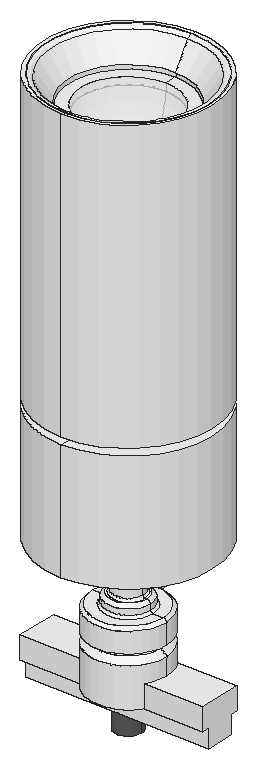
Revit family "Zaniboni-Gala-2_Inch_Adj_Track-1", category Lighting Fixtures, host Face, Revit 2016
Family settings
  Host = Face
  Part Type = Normal
  Round Connector Dimension = Use Diameter
  Cut with Voids When Loaded = No
  Light Source = Yes
  Shared = No
  Room Calculation Point = No
Parameters (values of type "K2-GALA2-0927A-2C-WS")
  Wattage Comments = "7W"
  Wattage = 9.2903 W
  built-in parameter 1150110 = 1 (stored number, unit not read)
  Voltage = 120 V
  URL = "www.zanibonilighting.com"
  Type Comments = "Gala"  # constant formula
  built-in parameter 1114217 = 1 (stored number, unit not read)
  Tilt Angle = 90.00°
  built-in parameter 1150109 = 1 (stored number, unit not read)
  built-in parameter 1150134 = 3
  built-in parameter 1150113 = 1 (stored number, unit not read)
  Support Finish = ZBN - Metal Matte White
  Screen Finish = ZBN - Glass
  Photometric Web File = "generic"
  built-in parameter 1150142 = (empty or 0)
  Model = "K2-GALA2-0927A-2C-WS"
  Mechanism Finish = ZBN - Plastic-Black
  Manufacturer = "Zaniboni"  # constant formula
  built-in parameter 1150105 = 109.82 (stored number, unit not read)
  Lumens = 1380 lm
  built-in parameter 1150115 = 1 (stored number, unit not read)
  built-in parameter 1150137 = (empty or 0)
  built-in parameter 1150139 = (empty or 0)
  built-in parameter 1150112 = 1 (stored number, unit not read)
  built-in parameter 1150114 = 1 (stored number, unit not read)
  Keynote = "12500"
  Kelvin = "2700K"
  built-in parameter 1150132 = (empty or 0)
  built-in parameter 1150102 = (empty or 0)
  built-in parameter 1150107 = 3200 (stored number, unit not read)
  built-in parameter 1150138 = (empty or 0)
  built-in parameter 1150106 = 1.0982 (stored number, unit not read)
  Frame Finish = ZBN - Metal Matte White
  Emit from Circle Diameter = 2"
  Emit Shape Visible in Rendering = no
  built-in parameter 1150104 = 13.8 (stored number, unit not read)
  Dimming Lamp Color Temperature Shift = <None>
  Diameter = 3"
  Description = "2 inch Round Adjustable 20° Surface Mounted"
  Default Elevation = 48"
  Color Filter = 16777215
  CRI = "80"
  Body Finish = ZBN - Metal Matte White
  Beam = "24°"
  built-in parameter 1114218 = 1 (stored number, unit not read)
  built-in parameter 1150133 = 10 (stored number, unit not read)
  Assembly Code = "E1020300"
Reference planes (in)
  plane 1 "Center (Front/Back)": y = 0
  plane 2: z = 0
  plane 3 "Center (Left/Right)": x = 0
  plane 4: x = -1.5
  plane 5: x = 1.5
Forms (in)
  Extrusion 1, solid, material "ZBN - Metal Matte White" <- "Frame Finish"
    sketch origin (0, 0, 0) x (0, 1, 0) y (0, 0, 1)
      loop
        line (-0.2375, 0) -> (0.2375, 0) -> (0.2375, 0.328) -> (0.375, 0.328) -> (0.375, 0.725) -> (-0.375, 0.725) -> (-0.375, 0.328) -> (-0.2375, 0.328) -> (-0.2375, 0)
    from -1.63449 to 1.63449
  Revolve 2, solid, material "ZBN - Metal Matte White" <- "Body Finish"
    sketch origin (0, 0, 0) x (0, 1, 0) y (0, 0, 1)
      loop
        line (0, 6.57513) -> (-0.99039, 6.57513) -> (-0.99039, 8.88763) -> (-1.43592, 8.88763) -> (-1.43592, 10.13763) -> (-1.5, 10.13763) -> (-1.5, 4.96763) -> (-1.13914, 4.96763) -> (-1.13914, 4.84263) -> (-1.5, 4.84263) -> (-1.5, 2.71625) -> (0, 2.71625) -> (0, 6.57513)
      axis (0, 2.71625) -> (0, 10.13763)
    angle from 0 to 360
  Revolve 3, solid, material "ZBN - Metal Matte White" <- "Frame Finish"
    sketch origin (0, 0, 0) x (0, 1, 0) y (0, 0, 1)
      loop
        arc (-1.33897, 10.09282) -> (-1.3814, 10.1283) -> (-1.43592, 10.13763) r 0.10617
        line (-1.43592, 10.13763) -> (-1.43592, 8.22647) -> (-1.05246, 8.22647) -> (-1.05246, 9.68365) -> (-1.33897, 10.09282)
      axis (0, 10.13763) -> (0, 8.22647)
    angle from 0 to 360
  Revolve 4, solid, material "ZBN - Metal Matte White" <- "Frame Finish"
    sketch origin (0, 0, 0) x (0, 1, 0) y (0, 0, 1)
      loop
        line (-0.82939, 9.61602) -> (-1.03788, 9.61602) -> (-1.03788, 9.48013) -> (-0.89883, 9.48013)
        arc (-0.89883, 9.48013) -> (-0.71927, 8.88131) -> (-0.26614, 8.45062) r 1.21712
        line (-0.26614, 8.45062) -> (0, 8.45062) -> (0, 8.50082) -> (-0.26932, 8.50082)
        arc (-0.26932, 8.50082) -> (-0.67653, 8.91774) -> (-0.82939, 9.48013) r 1.15918
        line (-0.82939, 9.48013) -> (-0.82939, 9.61602)
      axis (0, 9.61602) -> (0, 8.45062)
    angle from 0 to 360
  Extrusion 5, solid, material "ZBN - Glass" <- "Screen Finish"
    sketch origin (0, 0, 0) x (1, 0, 0) y (0, 1, 0)
      loop
        circle (0, 0) r 0.82939
    from 9.48013 to 9.61602
  Extrusion 6, solid, material "ZBN - Metal Matte White" <- "Body Finish"
    sketch origin (0, 0, 0) x (1, 0, 0) y (0, 1, 0)
      loop
        line (0.79377, 0.25) -> (-0.44604, 0.25) -> (-0.44604, -0.25) -> (0.79377, -0.25) -> (0.79377, 0.25)
    from 2.26691 to 2.71625
  Revolve 7, solid, material "ZBN - Metal Matte White" <- "Body Finish"
    sketch origin (0, 0, 0) x (1, 0, 0) y (0, 0, 1)
      loop
        line (0, 2.26691) -> (0, 0.328) -> (0.68431, 0.328) -> (0.68431, 1.02508) -> (0.58189, 1.1275) -> (0.43431, 1.1275) -> (0.43431, 1.213) -> (0.68431, 1.213) -> (0.68431, 1.5785) -> (0.62744, 1.63537) -> (0.43431, 1.63537)
        arc (0.43431, 1.63537) -> (0.40574, 1.6472) -> (0.39391, 1.67577) r 0.0404
        line (0.39391, 1.67577) -> (0.39391, 1.77132) -> (0.33301, 1.83222) -> (0.29642, 1.83222)
        arc (0.29642, 1.83222) -> (0.27139, 1.84437) -> (0.26544, 1.87155) r 0.03186
        line (0.26544, 1.87155) -> (0.26544, 2.22341)
        arc (0.26544, 2.22341) -> (0.27654, 2.25254) -> (0.3042, 2.26691) r 0.04379
        line (0.3042, 2.26691) -> (0, 2.26691)
      axis (0, 2.26691) -> (0, 0.328)
    angle from 0 to 360
  Extrusion 8, void
    sketch origin (0, 0, 0) x (0, 1, 0) y (0, 0, 1)
      loop
        line (0.375, 0.225) -> (0.375, 0.725) -> (-0.375, 0.725) -> (-0.375, 0.225) -> (0.375, 0.225)
    from -0.86378 to 0.8182
  Revolve 9, solid, material "ZBN - Plastic-Black" <- "Mechanism Finish"
    sketch origin (0, 0, 0) x (0, 1, 0) y (0, 0, 1)
      loop
        line (0, 6.96243) -> (0, 8.22647) -> (-0.96067, 8.22647) -> (-0.96067, 7.21243)
        arc (-0.96067, 7.21243) -> (-0.88745, 7.03565) -> (-0.71067, 6.96243) r 0.25
        line (-0.71067, 6.96243) -> (0, 6.96243)
      axis (0, 8.22647) -> (0, 6.96243)
    angle from 0 to 360
  Extrusion 10, solid, material "ZBN - Plastic-Black" <- "Mechanism Finish"
    sketch origin (0, 0, 0) x (1, 0, 0) y (0, 1, 0)
      loop
        circle (0, 0) r 0.2375
    from -0.35073 to 0
  Extrusion 11, void
    sketch origin (0, 0, 0) x (1, 0, 0) y (0, 1, 0)
      loop
        circle (0, 0) r 0.30579
    from 0.18723 to -12.93971
Cuts and joins
  Extrusion 8 cuts Revolve 7
Lines and regions (in)
  symbolic lines
    curve 1: circle (0, 0, 0) r 1.5 normal (0, 0, 1)
    curve 2: circle (0, 0, 0) r 1.43592 normal (0, 0, 1)
    curve 3: circle (0, 0, 0) r 1.13914 normal (0, 0, 1)
Dimensions and locks (in)
  equal spacing: plane 4, plane 3 "Center (Left/Right)", plane 5
  "Diameter": plane 4 to plane 5
  aligned and locked: plane 2 to host face
  aligned and locked: level to host face
  aligned and locked: level to Extrusion 10
Automatic sketch dimensions
  curve 1 to curve 2 = 0"  (x2)
  curve 1 to curve 3 = 0"  (x2)
  curve 2 to curve 3 = 0"  (x2)
  plane 1 "Center (Front/Back)" to curve 2 = 0"
  plane 3 "Center (Left/Right)" to curve 2 = 0"
  host sketch curve to host sketch curve = 96"  (x2)
  Extrusion 1 sketch curve to level = 0"
  plane 1 "Center (Front/Back)" to Extrusion 1 sketch curve = 3/8"
  Extrusion 1 sketch curve to Extrusion 1 sketch curve = 0.1375"  (x2)
  Extrusion 1 sketch curve to plane 1 "Center (Front/Back)" = 0.2375"
  Extrusion 1 sketch curve to Extrusion 1 sketch curve = 0.328"
  level to Extrusion 1 sketch curve = 0.328"
  Extrusion 1 sketch curve to Extrusion 1 sketch curve = 0.397"
  Revolve 2 sketch curve to plane 1 "Center (Front/Back)" = 0"  (x2)
  plane 1 "Center (Front/Back)" to Revolve 2 sketch curve = 0.99039"
  plane 1 "Center (Front/Back)" to Revolve 2 sketch curve = 1.13914"
  Revolve 2 sketch curve to Revolve 2 sketch curve = 0.44553"
  Revolve 2 sketch curve to Revolve 2 sketch curve = 0.36086"
  Revolve 2 sketch curve to Revolve 2 sketch curve = 0"  (x3)
  level to Revolve 2 sketch curve = 2.71625"
  Revolve 2 sketch curve to Revolve 2 sketch curve = 2.12638"
  Revolve 2 sketch curve to Revolve 2 sketch curve = 1/8"
  Revolve 2 sketch curve to Revolve 2 sketch curve = 1.6075"
  Revolve 2 sketch curve to Revolve 2 sketch curve = 2 5/16"
  Revolve 2 sketch curve to Revolve 2 sketch curve = 1 1/4"
  Revolve 3 sketch curve to plane 1 "Center (Front/Back)" = 0"
  plane 1 "Center (Front/Back)" to Revolve 3 sketch curve = 1.05246"
  Revolve 3 sketch curve to Revolve 3 sketch curve = 0.2865"
  Revolve 3 sketch curve to Revolve 3 sketch curve = 0.08697"
  Revolve 3 sketch curve to Revolve 3 sketch curve = 0.38346"
  level to Revolve 3 sketch curve = 8.22647"
  Revolve 3 sketch curve to Revolve 3 sketch curve = 1.45718"
  Revolve 3 sketch curve to Revolve 3 sketch curve = 0.34827"
  Revolve 3 sketch curve to Revolve 3 sketch curve = 0.0609"
  Revolve 3 sketch curve to Revolve 3 sketch curve = 0"
  Revolve 3 sketch curve to Revolve 3 sketch curve = 0.04282"
  Revolve 4 sketch curve to plane 1 "Center (Front/Back)" = 0"  (x2)
  plane 1 "Center (Front/Back)" to Revolve 4 sketch curve = 0.26614"
  Revolve 4 sketch curve to Revolve 4 sketch curve = 0.00318"
  plane 1 "Center (Front/Back)" to Revolve 4 sketch curve = 0.82939"
  Revolve 4 sketch curve to Revolve 4 sketch curve = 0.06944"
  Revolve 4 sketch curve to Revolve 4 sketch curve = 0.13905"
  Revolve 4 sketch curve to plane 1 "Center (Front/Back)" = 0.31769"
  Revolve 4 sketch curve to Revolve 4 sketch curve = 0.01203"
  level to Revolve 4 sketch curve = 8.45062"
  Revolve 4 sketch curve to Revolve 4 sketch curve = 0.0502"
  Revolve 4 sketch curve to Revolve 4 sketch curve = 0.97932"
  Revolve 4 sketch curve to Revolve 4 sketch curve = 0"
  Revolve 4 sketch curve to Revolve 4 sketch curve = 0.13589"
  Revolve 4 sketch curve to Revolve 4 sketch curve = 0.0687"
  Revolve 4 sketch curve to Revolve 4 sketch curve = 0.14174"
  plane 1 "Center (Front/Back)" to Extrusion 5 sketch curve = 0"
  plane 3 "Center (Left/Right)" to Extrusion 5 sketch curve = 0"
  Extrusion 6 sketch curve to plane 3 "Center (Left/Right)" = 0.44604"
  plane 1 "Center (Front/Back)" to Extrusion 6 sketch curve = 1/4"
  Extrusion 6 sketch curve to plane 5 = 0.70623"
  Extrusion 6 sketch curve to plane 1 "Center (Front/Back)" = 1/4"
  plane 3 "Center (Left/Right)" to Revolve 7 sketch curve = 0"  (x2)
  plane 3 "Center (Left/Right)" to Revolve 7 sketch curve = 0.26544"
  Revolve 7 sketch curve to Revolve 7 sketch curve = 0.03098"
  Revolve 7 sketch curve to Revolve 7 sketch curve = 0.03876"
  Revolve 7 sketch curve to Revolve 7 sketch curve = 0.00502"
  Revolve 7 sketch curve to Revolve 7 sketch curve = 0.03659"
  Revolve 7 sketch curve to Revolve 7 sketch curve = 0.0609"  (x2)
  plane 3 "Center (Left/Right)" to Revolve 7 sketch curve = 0.43431"
  Revolve 7 sketch curve to Revolve 7 sketch curve = 0.0404"
  Revolve 7 sketch curve to Revolve 7 sketch curve = 0.14758"
  Revolve 7 sketch curve to Revolve 7 sketch curve = 0.19313"
  Revolve 7 sketch curve to Revolve 7 sketch curve = 0.10242"  (x3)
  level to Revolve 7 sketch curve = 0.328"
  Revolve 7 sketch curve to Revolve 7 sketch curve = 0.69708"
  Revolve 7 sketch curve to Revolve 7 sketch curve = 0.0855"
  Revolve 7 sketch curve to Revolve 7 sketch curve = 0.3655"
  Revolve 7 sketch curve to Revolve 7 sketch curve = 0.05687"
  Revolve 7 sketch curve to Revolve 7 sketch curve = 0.09555"
  Revolve 7 sketch curve to Revolve 7 sketch curve = 0.03186"
  Revolve 7 sketch curve to Revolve 7 sketch curve = 0.35186"
  Revolve 7 sketch curve to Revolve 7 sketch curve = 0.31031"
  Revolve 7 sketch curve to Revolve 7 sketch curve = 0"
  plane 1 "Center (Front/Back)" to Extrusion 8 sketch curve = 3/8"
  Extrusion 8 sketch curve to plane 1 "Center (Front/Back)" = 3/8"
  level to Extrusion 8 sketch curve = 0.225"
  Extrusion 8 sketch curve to Extrusion 8 sketch curve = 1/2"
  Revolve 9 sketch curve to plane 1 "Center (Front/Back)" = 0"  (x2)
  plane 1 "Center (Front/Back)" to Revolve 9 sketch curve = 0.71067"
  Revolve 9 sketch curve to Revolve 9 sketch curve = 1/4"
  level to Revolve 9 sketch curve = 6.96243"
  Revolve 9 sketch curve to Revolve 9 sketch curve = 1.01404"
  Revolve 9 sketch curve to Revolve 9 sketch curve = 0"  (x2)
  plane 1 "Center (Front/Back)" to Extrusion 10 sketch curve = 0"
  plane 3 "Center (Left/Right)" to Extrusion 10 sketch curve = 0"
  plane 1 "Center (Front/Back)" to Extrusion 11 sketch curve = 0"
  plane 3 "Center (Left/Right)" to Extrusion 11 sketch curve = 0"
  radius of curve 1 = 1 1/2"
  radius of curve 2 = 1.43592"
  radius of curve 3 = 1.13914"
  radius of Extrusion 5 sketch curve = 0.82939"
  radius of Extrusion 10 sketch curve = 0.2375"
  radius of Extrusion 11 sketch curve = 0.30579"
Connectors (in)
  electrical at (0, 0, -0.35073), driven by "Voltage"
    settings: on Extrusion 10, index 1, voltage 120 V, apparent load 0 VA, apparent load phase1 0 VA, apparent load phase2 0 VA, apparent load phase3 0 VA, power factor 1, load classification "Other", number of poles 1, system type 31, power factor state 1, is connector primary yes, connector utility no, sub classification motor no, connector description ""
